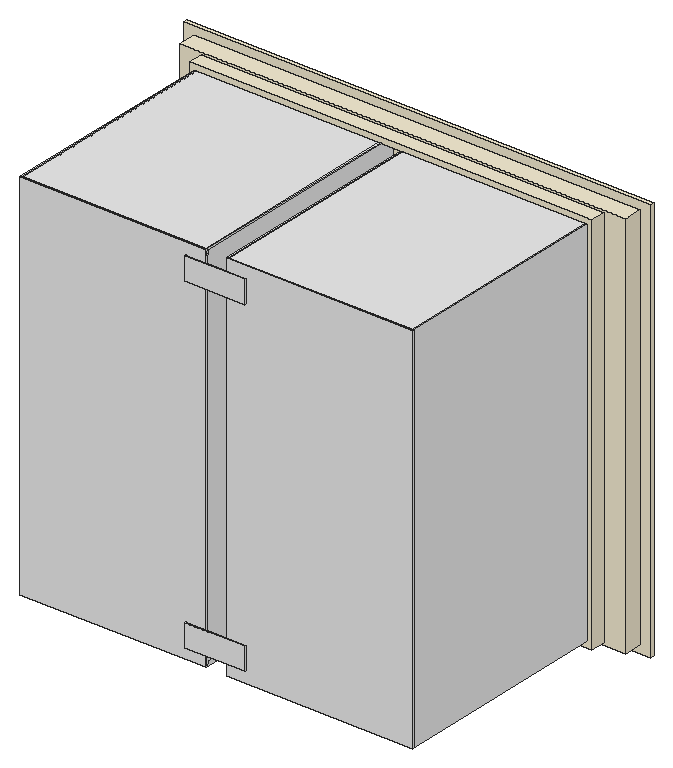
Revit family "Mailboxes_4C-Salsbury_Industries-Front_Load-7_Door_High_Units", category Specialty Equipment, host Wall, Revit 2016 (continued)
Definition of nested family "3700 Series 4C OM2 Configuration"
  Reference planes (in)
    plane 25 "Face of Mail Plate": y = -0.16602
    plane 26 "Top of Mail Drop Door": z = 6.73094
    plane 27 "Top of Mail Drop Divider": z = 7.00047
    plane 28 "Face of Mail Drop": y = -0.31995
    plane 29 "Top of Mail Slot": z = 6.42087
    plane 30 "Bottom of Mail Slot": z = 5.67087
    plane 31 "Left Edge of Mail Slot": x = -5.3755
    plane 32 "Right Edge of Mail Slot": x = 5.3755
    plane 33 "Mail Slot Bottom Protusion": z = 6.50987
    plane 34: y = -0.49395
    plane 35: z = 6.15637
    plane 36 "Front of Awning": y = -1.63495
    plane 37: y = -1.15685
    plane 38 "Mail Slot Slope": through (-240, -0.44582, 6.9722) normal (0, -0.5, 0.866)
    plane 39 "Access Lock Offset": y = 0.12695
  Forms (in)
    Extrusion 1, solid, material <- "Front Panel Material"
      sketch origin (0, 0, 0) x (1, 0, 0) y (0, 1, 0)
        loop
          line (-6.4355, 0.12695) -> (-6.6875, -0.05445) -> (-6.6875, -0.12695) -> (6.05625, -0.12695)
          arc (6.05625, -0.12695) -> (6.19558, -0.17661) -> (6.27209, -0.3032) r 0.22029
          arc (6.27209, -0.3032) -> (6.3553, -0.42132) -> (6.4925, -0.46664) r 0.23034
          arc (6.4925, -0.46664) -> (6.63039, -0.40952) -> (6.6875, -0.27164) r 0.195
          line (6.6875, -0.27164) -> (6.6875, 0.12695) -> (-6.4355, 0.12695)
      from 0 to 3.23047
    Extrusion 2, solid, material <- "Front Panel Material"
      sketch origin (0, 0, 3.50047) x (-1, 0, 0) y (0, -1, 0)
        loop
          line (6.6875, -0.12695) -> (6.6875, 0.46995) -> (-6.6875, 0.46995) -> (-6.6875, -0.12695) -> (6.6875, -0.12695)
      from -0.27 to 0
    Extrusion 3, void
      sketch origin (0, 0.12695, 0) x (0, 0, -1) y (-1, 0, 0)
        loop
          circle (-1.61523, 4.3275) r 0.4375
      from 0 to -0.25391
    Extrusion 4, solid, material <- "Lock Material", visible <- "Access Lock"
      sketch origin (0, 0.12695, 0) x (0, 0, -1) y (-1, 0, 0)
        loop
          circle (-1.61523, 4.3275) r 0.42913
      from 0 to -0.25391
    Extrusion 5, void, detail levels fine
      sketch origin (0, 0.12695, 3.4) x (-1, 0, 0) y (0, 0, 1)
        loop
          line (4.3568, -1.47517) -> (4.2982, -1.47517) -> (4.2982, -2.09436) -> (4.3568, -2.09436) -> (4.3568, -1.47517)
      from -0.12695 to -0.25391
    Blend 6, solid, material <- "Front Panel Material", detail levels medium+fine
      base sketch origin (0, -0.12695, 2.68123) x (-1, 0, 0) y (0, 0, 1)
        loop
          circle (5.7025, -0.40977) r 0.15665
      top sketch origin (0, -0.12695, 2.68123) x (-1, 0, 0) y (0, 0, 1)
        loop
          circle (5.7025, -0.40977) r 0.3125
      from -0.11328 to 0
    Blend 7, solid, material <- "Front Panel Material", detail levels medium+fine
      base sketch origin (1.3125, -0.12695, 2.68123) x (-1, 0, 0) y (0, 0, 1)
        loop
          circle (4.202, -0.40977) r 0.15665
      top sketch origin (1.3125, -0.12695, 2.68123) x (-1, 0, 0) y (0, 0, 1)
        loop
          circle (4.202, -0.40977) r 0.3125
      from -0.11328 to 0
    Blend 8, solid, material <- "Front Panel Material", detail levels medium+fine
      base sketch origin (0, -0.12695, 1.36923) x (-1, 0, 0) y (0, 0, 1)
        loop
          circle (5.7025, -0.40977) r 0.15665
      top sketch origin (0, -0.12695, 1.36923) x (-1, 0, 0) y (0, 0, 1)
        loop
          circle (5.7025, -0.40977) r 0.3125
      from -0.11328 to 0
    Blend 9, solid, material <- "Front Panel Material", detail levels medium+fine
      base sketch origin (1.3125, -0.12695, 1.36923) x (-1, 0, 0) y (0, 0, 1)
        loop
          circle (4.202, -0.40977) r 0.15665
      top sketch origin (1.3125, -0.12695, 1.36923) x (-1, 0, 0) y (0, 0, 1)
        loop
          circle (4.202, -0.40977) r 0.3125
      from -0.11328 to 0
    Blend 10, solid, material <- "Front Panel Material", detail levels medium+fine
      base sketch origin (9.8895, -0.12695, 2.68123) x (-1, 0, 0) y (0, 0, 1)
        loop
          circle (4.202, -0.40977) r 0.15665
      top sketch origin (9.8895, -0.12695, 2.68123) x (-1, 0, 0) y (0, 0, 1)
        loop
          circle (4.202, -0.40977) r 0.3125
      from -0.11328 to 0
    Blend 11, solid, material <- "Front Panel Material", detail levels medium+fine
      base sketch origin (9.8895, -0.12695, 1.36923) x (-1, 0, 0) y (0, 0, 1)
        loop
          circle (4.202, -0.40977) r 0.15665
      top sketch origin (9.8895, -0.12695, 1.36923) x (-1, 0, 0) y (0, 0, 1)
        loop
          circle (4.202, -0.40977) r 0.3125
      from -0.11328 to 0
    Extrusion 12, solid, material <- "Lock Material"
      sketch origin (0, -0.12695, 0) x (-1, 0, 0) y (0, 0, 1)
        loop
          line (1.96028, 2.61547) -> (-1.64128, 2.61547)
          arc (-1.64128, 2.61547) -> (-1.78215, 2.55712) -> (-1.8405, 2.41625) r 0.19922
          line (-1.8405, 2.41625) -> (-1.8405, 0.81469)
          arc (-1.8405, 0.81469) -> (-1.78215, 0.67382) -> (-1.64128, 0.61547) r 0.19922
          line (-1.64128, 0.61547) -> (1.96028, 0.61547)
          arc (1.96028, 0.61547) -> (2.10115, 0.67382) -> (2.1595, 0.81469) r 0.19922
          line (2.1595, 0.81469) -> (2.1595, 2.41625)
          arc (2.1595, 2.41625) -> (2.10115, 2.55712) -> (1.96028, 2.61547) r 0.19922
      from 0 to -0.03906
    Extrusion 13, solid, material <- "Front Panel Material"
      sketch origin (-2.13946, 0, 3.50047) x (-1, 0, 0) y (0, -1, 0)
        loop
          line (4.54804, -0.12695) -> (4.54804, 0.31995) -> (-8.82696, 0.31995) -> (-8.82696, -0.12695) -> (4.54804, -0.12695)
      from 0 to 3.0094
    Extrusion 14, void
      sketch origin (0, -0.31995, 0) x (0, 0, -1) y (-1, 0, 0)
        loop
          arc (-5.67087, 5.0005) -> (-6.04587, 5.3755) -> (-6.42087, 5.0005) r 0.375
          line (-6.42087, 5.0005) -> (-6.42087, -5.0005)
          arc (-6.42087, -5.0005) -> (-6.04587, -5.3755) -> (-5.67087, -5.0005) r 0.375
          line (-5.67087, -5.0005) -> (-5.67087, 5.0005)
      from 0 to 0.44691
    Extrusion 15, solid, material <- "Front Panel Material"
      sketch origin (0, 0, 0) x (0, 1, 0) y (0, 0, 1)
        loop
          line (0.12695, 6.50987) -> (0.12695, 7.00047) -> (-0.46995, 7.00047) -> (-0.75605, 6.83078) -> (-0.73973, 6.80251) -> (-1.27431, 6.49388) -> (-1.29063, 6.52214) -> (-1.61027, 6.3376)
          arc (-1.61027, 6.3376) -> (-1.63087, 6.31111) -> (-1.62714, 6.27777) r 0.04454
          line (-1.62714, 6.27777) -> (-1.5282, 6.17883)
          arc (-1.5282, 6.17883) -> (-1.4937, 6.16211) -> (-1.4558, 6.15637) r 0.12791
          line (-1.4558, 6.15637) -> (-1.10623, 6.15637) -> (-0.49395, 6.50987) -> (0.12695, 6.50987)
      from -6.6875 to 6.6875
  Cuts and joins
    Extrusion 3 cuts Extrusion 1
    Extrusion 5 cuts Extrusion 4
    Extrusion 14 cuts Extrusion 13
  Lines and regions (in)
    symbolic lines
      curve 1: circle (-5.7025, -0.12695, 2.27147) r 0.3125 normal (0, 1, 0)
      curve 2: circle (-5.7025, -0.12695, 0.95947) r 0.3125 normal (0, 1, 0)
      curve 3: circle (-2.8895, -0.12695, 0.95947) r 0.3125 normal (0, 1, 0)
      curve 4: circle (-2.8895, -0.12695, 2.27147) r 0.3125 normal (0, 1, 0)
      curve 5: circle (-4.3275, -0.12695, 1.61523) r 0.42913 normal (0, 1, 0)
      curve 6: circle (5.6875, -0.12695, 0.95947) r 0.3125 normal (0, 1, 0)
      curve 7: circle (5.6875, -0.12695, 2.27147) r 0.3125 normal (0, 1, 0)
      curve 8: arc (-2.1595, -0.12695, 2.41625) -> (-2.10115, -0.12695, 2.55712) -> (-1.96028, -0.12695, 2.61547) r 0.19922
      curve 9: arc (1.8405, -0.12695, 2.41625) -> (1.78215, -0.12695, 2.55712) -> (1.64128, -0.12695, 2.61547) r 0.19922
      curve 10: arc (1.8405, -0.12695, 0.81469) -> (1.78215, -0.12695, 0.67382) -> (1.64128, -0.12695, 0.61547) r 0.19922
      curve 11: arc (-1.96028, -0.12695, 0.61547) -> (-2.10115, -0.12695, 0.67382) -> (-2.1595, -0.12695, 0.81469) r 0.19922
      curve 12: line (-2.1595, -0.12695, 0.81469) -> (-2.1595, -0.12695, 2.41625)
      curve 13: line (-1.96028, -0.12695, 2.61547) -> (1.64128, -0.12695, 2.61547)
      curve 14: line (1.8405, -0.12695, 2.41625) -> (1.8405, -0.12695, 0.81469)
      curve 15: line (1.64128, -0.12695, 0.61547) -> (-1.96028, -0.12695, 0.61547)
  Dimensions and locks (in)
    equal spacing: plane 6 "Back Face of Door", plane 1 "Center (Front/Back)", plane 7 "Front Face of Door"
    "Door Depth": plane 6 "Back Face of Door" to plane 7 "Front Face of Door"
    equal spacing: plane 4 "Left Side Face of Door", plane 3 "Center (Left/Right)", plane 5 "Right Side Face of Door"
    "Door Width": plane 4 "Left Side Face of Door" to plane 5 "Right Side Face of Door"
    plane 8 to level = 3.23047"
    equal spacing: plane 8, plane 9, level
    locked: plane 7 "Front Face of Door" to plane 10 at 0.343
    "Center Lock-Vertical": plane 4 "Left Side Face of Door" to plane 11 "Center Lock Vertical"
    "Center Lock-Horizontal": plane 8 to plane 12 "Center Lock Horizontal"
    locked: plane 14 "Divider Height Align" to plane 8 at 0.27
    plane 4 "Left Side Face of Door" to plane 16 "Left Stud Align" to plane 17 "Right Stud Align" = 0.985", 2.813"
    plane 8 to plane 18 "Top Stud Align" to plane 19 "Bottom Stud Align" = 0.959", 1.312"
    plane 20 "Hinge Stud Align" to plane 5 "Right Side Face of Door" = 1.000"
    plane 8 to plane 21 "Mail Plate Top" to plane 22 "Mail Plate Bottom" = 0.615", 2.000"
    plane 4 "Left Side Face of Door" to plane 23 to plane 24 = 4.528", 4.000"
    plane 27 "Top of Mail Drop Divider" to plane 26 "Top of Mail Drop Door" to plane 14 "Divider Height Align" = 0.26953" locked, 3.23047"
    "Door Height": plane 27 "Top of Mail Drop Divider" to level
    plane 28 "Face of Mail Drop" to plane 10 = 0.150"
    locked: plane 27 "Top of Mail Drop Divider" to plane 29 "Top of Mail Slot" at 0.5796
    locked: plane 29 "Top of Mail Slot" to plane 30 "Bottom of Mail Slot" at 0.75
    locked: plane 4 "Left Side Face of Door" to plane 31 "Left Edge of Mail Slot" at 1.312
    locked: plane 32 "Right Edge of Mail Slot" to plane 5 "Right Side Face of Door" at 1.312
    locked: plane 33 "Mail Slot Bottom Protusion" to plane 29 "Top of Mail Slot" at 0.089
    plane 28 "Face of Mail Drop" to plane 34 = 0.174"
    plane 33 "Mail Slot Bottom Protusion" to plane 35 = 0.3535"
    plane 28 "Face of Mail Drop" to plane 36 "Front of Awning" = 1.315"
    plane 4 "Left Side Face of Door" to plane 5 "Right Side Face of Door" = 13.375"
    plane 6 "Back Face of Door" to plane 36 "Front of Awning" = 1.76191"
    "Access Lock Offset": plane 39 "Access Lock Offset" to plane 6 "Back Face of Door"
    aligned and locked: level to plane 2 "Bottom of Door"
    aligned and locked: plane 4 "Left Side Face of Door" to Extrusion 1
    aligned and locked: plane 6 "Back Face of Door" to Extrusion 1
    aligned and locked: plane 7 "Front Face of Door" to Extrusion 1
    aligned and locked: Extrusion 1 to level
    aligned and locked: plane 8 to Extrusion 1
    aligned and locked: Extrusion 2 sketch curve to plane 4 "Left Side Face of Door"
    aligned and locked: Extrusion 2 sketch curve to plane 6 "Back Face of Door"
    aligned and locked: plane 5 "Right Side Face of Door" to Extrusion 2 sketch curve
    aligned and locked: Extrusion 2 to plane 8
    aligned and locked: plane 10 to Extrusion 2 sketch curve
    aligned and locked: plane 14 "Divider Height Align" to Extrusion 2
    aligned and locked: plane 4 "Left Side Face of Door" to Extrusion 2
    aligned and locked: Extrusion 2 to plane 5 "Right Side Face of Door"
    aligned and locked: Extrusion 13 to plane 28 "Face of Mail Drop"
    aligned and locked: plane 29 "Top of Mail Slot" to Extrusion 14 sketch curve
    aligned and locked: cut or joined group of Extrusion 13, Extrusion 14 to cut or joined group of Extrusion 13, Extrusion 14
    aligned and locked: cut or joined group of Extrusion 1, Extrusion 3 to plane 2 "Bottom of Door"
  Automatic sketch dimensions
    Extrusion 1 sketch curve to plane 4 "Left Side Face of Door" = 0.000"
    Extrusion 1 sketch curve to plane 6 "Back Face of Door" = 0.000"
    Extrusion 1 sketch curve to plane 7 "Front Face of Door" = 0.000"
    Extrusion 1 sketch curve to plane 5 "Right Side Face of Door" = 0.000"
    Extrusion 1 sketch curve to plane 4 "Left Side Face of Door" = 0.252"
    Extrusion 1 sketch curve to plane 20 "Hinge Stud Align" = 0.36875"
    Extrusion 1 sketch curve to plane 25 "Face of Mail Plate" = 0.07029"
    plane 5 "Right Side Face of Door" to Extrusion 1 sketch curve = 0.195"
    Extrusion 1 sketch curve to plane 25 "Face of Mail Plate" = 0.10562"
    Extrusion 1 sketch curve to plane 13 "Face of Lock" = 0.07658"
    plane 1 "Center (Front/Back)" to Extrusion 1 sketch curve = 0.05445"
    Extrusion 1 sketch curve to plane 13 "Face of Lock" = 0.12063"
    Extrusion 5 sketch curve to plane 11 "Center Lock Vertical" = 0.0293"
    plane 11 "Center Lock Vertical" to Extrusion 5 sketch curve = 0.0293"
    Extrusion 5 sketch curve to plane 9 = 0.30959"
    plane 9 to Extrusion 5 sketch curve = 0.30959"
    plane 16 "Left Stud Align" to Blend 6 sketch curve = 0.000"  (x2)
    Blend 6 sketch curve to plane 18 "Top Stud Align" = 0.000"  (x2)
    plane 17 "Right Stud Align" to Blend 7 sketch curve = 0.000"  (x2)
    Blend 7 sketch curve to plane 18 "Top Stud Align" = 0.000"  (x2)
    plane 16 "Left Stud Align" to Blend 8 sketch curve = 0.000"  (x2)
    Blend 8 sketch curve to plane 19 "Bottom Stud Align" = 0.000"  (x2)
    plane 17 "Right Stud Align" to Blend 9 sketch curve = 0.000"  (x2)
    Blend 9 sketch curve to plane 19 "Bottom Stud Align" = 0.000"  (x2)
    Blend 10 sketch curve to plane 18 "Top Stud Align" = 0.000"  (x2)
    plane 20 "Hinge Stud Align" to Blend 10 sketch curve = 0.000"  (x2)
    Blend 11 sketch curve to plane 19 "Bottom Stud Align" = 0.000"  (x2)
    plane 20 "Hinge Stud Align" to Blend 11 sketch curve = 0.000"  (x2)
    plane 24 to Extrusion 12 sketch curve = 0.000"
    Extrusion 12 sketch curve to plane 22 "Mail Plate Bottom" = 0.000"
    Extrusion 12 sketch curve to plane 21 "Mail Plate Top" = 0.000"
    plane 23 to Extrusion 12 sketch curve = 0.000"
    plane 24 to Extrusion 12 sketch curve = 0.19922"  (x2)
    plane 18 "Top Stud Align" to Extrusion 12 sketch curve = 0.14478"
    Extrusion 12 sketch curve to plane 23 = 0.19922"
    Extrusion 13 sketch curve to plane 5 "Right Side Face of Door" = 0.000"
    Extrusion 13 sketch curve to plane 4 "Left Side Face of Door" = 0.000"
    Extrusion 13 sketch curve to plane 6 "Back Face of Door" = 0.000"
    Extrusion 13 sketch curve to plane 7 "Front Face of Door" = 0.193"
    Extrusion 14 sketch curve to plane 30 "Bottom of Mail Slot" = 0.000"
    plane 32 "Right Edge of Mail Slot" to Extrusion 14 sketch curve = 0.375"
    Extrusion 14 sketch curve to plane 31 "Left Edge of Mail Slot" = 0.375"
    Extrusion 15 sketch curve to plane 35 = 0.000"
    Extrusion 15 sketch curve to plane 33 "Mail Slot Bottom Protusion" = 0.000"
    Extrusion 15 sketch curve to plane 34 = 0.000"
    Extrusion 15 sketch curve to plane 27 "Top of Mail Drop Divider" = 0.000"
    Extrusion 15 sketch curve to plane 6 "Back Face of Door" = 0.000"
    plane 26 "Top of Mail Drop Door" to Extrusion 15 sketch curve = 0.07158"
    Extrusion 15 sketch curve to plane 34 = 0.24578"
    plane 26 "Top of Mail Drop Door" to Extrusion 15 sketch curve = 0.09984"
    Extrusion 15 sketch curve to Extrusion 15 sketch curve = 0.01632"
    plane 37 to Extrusion 15 sketch curve = 0.05062"
    Extrusion 15 sketch curve to plane 33 "Mail Slot Bottom Protusion" = 0.01599"
    plane 33 "Mail Slot Bottom Protusion" to Extrusion 15 sketch curve = 0.01227"
    plane 36 "Front of Awning" to Extrusion 15 sketch curve = 0.17915"
    plane 35 to Extrusion 15 sketch curve = 0.02246"
    Extrusion 15 sketch curve to Extrusion 15 sketch curve = 0.0724"
    plane 36 "Front of Awning" to Extrusion 15 sketch curve = 0.04696"
    plane 36 "Front of Awning" to Extrusion 15 sketch curve = 0.02469"
    plane 36 "Front of Awning" to Extrusion 15 sketch curve = 0.00781"
    Extrusion 15 sketch curve to Extrusion 15 sketch curve = 0.05983"
    Extrusion 4 sketch curve to plane 9 = 0.000"
    plane 11 "Center Lock Vertical" to Extrusion 4 sketch curve = 0.000"
    Extrusion 3 sketch curve to plane 9 = 0.000"
    plane 11 "Center Lock Vertical" to Extrusion 3 sketch curve = 0.000"
    curve 6 to plane 19 "Bottom Stud Align" = 0.000"
    plane 20 "Hinge Stud Align" to curve 6 = 0.000"
    curve 7 to plane 18 "Top Stud Align" = 0.000"
    plane 20 "Hinge Stud Align" to curve 7 = 0.000"
    plane 24 to curve 14 = 0.000"
    curve 9 to plane 21 "Mail Plate Top" = 0.000"
    curve 11 to plane 22 "Mail Plate Bottom" = 0.000"
    plane 23 to curve 12 = 0.000"
    plane 17 "Right Stud Align" to curve 4 = 0.000"
    plane 17 "Right Stud Align" to curve 3 = 0.000"
    curve 5 to plane 9 = 0.000"
    plane 11 "Center Lock Vertical" to curve 5 = 0.000"
    plane 16 "Left Stud Align" to curve 1 = 0.000"
    plane 16 "Left Stud Align" to curve 2 = 0.000"
    curve 2 to plane 19 "Bottom Stud Align" = 0.000"
    curve 3 to plane 19 "Bottom Stud Align" = 0.000"
    curve 1 to plane 18 "Top Stud Align" = 0.000"
    curve 4 to plane 18 "Top Stud Align" = 0.000"
    plane 18 "Top Stud Align" to curve 9 = 0.14478"
    curve 10 to plane 19 "Bottom Stud Align" = 0.14478"
    plane 18 "Top Stud Align" to curve 8 = 0.14478"
    curve 11 to plane 19 "Bottom Stud Align" = 0.14478"
    radius of Blend 6 sketch curve = 0.15665"
    radius of Blend 6 sketch curve = 0.3125"
    radius of Blend 7 sketch curve = 0.15665"
    radius of Blend 7 sketch curve = 0.3125"
    radius of Blend 8 sketch curve = 0.15665"
    radius of Blend 8 sketch curve = 0.3125"
    radius of Blend 9 sketch curve = 0.15665"
    radius of Blend 9 sketch curve = 0.3125"
    radius of Blend 10 sketch curve = 0.15665"
    radius of Blend 10 sketch curve = 0.3125"
    radius of Blend 11 sketch curve = 0.15665"
    radius of Blend 11 sketch curve = 0.3125"
    radius of Extrusion 4 sketch curve = 0.42913"
    radius of Extrusion 3 sketch curve = 0.4375"
    radius of curve 1 = 0.3125"
    radius of curve 2 = 0.3125"
    radius of curve 3 = 0.3125"
    radius of curve 4 = 0.3125"
    radius of curve 5 = 0.42913"
    radius of curve 6 = 0.3125"
    radius of curve 7 = 0.3125"
Types (7): name | Width | Vertical Center Divider | Type Comments | Top Back Plate | Right Inside Wall | Model | Left Inside Wall | Door Slot R7 Number | Door Slot R7 | Door Slot R6 Number | Door Slot R6 | Door Slot R5 Number | Door Slot R5 | Door Slot R4 | Door Slot R2 Number | Door Slot R2 | Door Slot R1 Number | Door Slot R1 | Door Slot L7 Number | Door Slot L7 | Door Slot L6 Number | Door Slot L6 | Door Slot L5 Number | Door Slot L5 | Door Slot L4 Number | Door Slot L4 | Door Slot L3 Number | Door Slot L3 | Door Slot L2 Number | Door Slot L2 | Door Slot L1 Number | Door Slot L1 | Description | Center Extrusion Offset | Bottom Back Plate | Above Finished Floor (AFF-Bottom of Unit) | Above Finished Floor (AFF-Bottom Shelf)
  3707S-1B FL | 16.344" | no | "4C Horizontal Receptacle Bin - Front Loading" | no | no | "3707S-1B FL" | no | "0" | 4C-7 Door High Receptacle : 4C-7 Door High Receptacle | "0" | 3700 Series 4C Door Configurations : Empty | "0" | 3700 Series 4C Door Configurations : Empty | 3700 Series 4C Door Configurations : Empty | "0" | 3700 Series 4C Door Configurations : Empty | "0" | 3700 Series 4C Door Configurations : Empty | "0" | 3700 Series 4C Door Configurations : Empty | "0" | 3700 Series 4C Door Configurations : Empty | "0" | 3700 Series 4C Door Configurations : Empty | "0" | 3700 Series 4C Door Configurations : Empty | "0" | 3700 Series 4C Door Configurations : Empty | "0" | 3700 Series 4C Door Configurations : Empty | "0" | 3700 Series 4C Door Configurations : Empty | "7 Door High Unit" | 48.000" | no | 13.683" | 15.000"
  3707D-12 FL | 31.09766" | yes | "4C Standard Horizontal Mailbox - Front Loading" | yes | yes | "3707D-12 FL" | yes | "12" | 3700 Series 4C Door Configurations : MB1 Door w/ Divider | "11" | 3700 Series 4C Door Configurations : MB1 Door w/ Divider | "10" | 3700 Series 4C Door Configurations : MB1 Door w/ Divider | 3700 Series 4C OM2 Configuration : OM2-FL | "9" | 3700 Series 4C Door Configurations : MB1 Door w/ Divider | "8" | 3700 Series 4C Door Configurations : MB1 Door | "7" | 3700 Series 4C Door Configurations : MB1 Door w/ Divider | "6" | 3700 Series 4C Door Configurations : MB1 Door w/ Divider | "5" | 3700 Series 4C Door Configurations : MB1 Door w/ Divider | "4" | 3700 Series 4C Door Configurations : MB1 Door w/ Divider | "3" | 3700 Series 4C Door Configurations : MB1 Door w/ Divider | "2" | 3700 Series 4C Door Configurations : MB1 Door w/ Divider | "1" | 3700 Series 4C Door Configurations : MB1 Door | "7 Door High Unit:  12 MB1, OM2" | 0.000" | yes | 26.683" | 28.000"
  3707S-05 FL | 16.344" | yes | "4C Standard Horizontal Mailbox - Front Loading" | yes | yes | "3707S-05 FL" | yes | "5" | 3700 Series 4C Door Configurations : MB1 Door w/ Divider | "4" | 3700 Series 4C Door Configurations : MB1 Door w/ Divider | "3" | 3700 Series 4C Door Configurations : MB1 Door w/ Divider | 3700 Series 4C OM2 Configuration : OM2-FL | "2" | 3700 Series 4C Door Configurations : MB1 Door w/ Divider | "1" | 3700 Series 4C Door Configurations : MB1 Door | "0" | 3700 Series 4C Door Configurations : Empty | "0" | 3700 Series 4C Door Configurations : Empty | "0" | 3700 Series 4C Door Configurations : Empty | "0" | 3700 Series 4C Door Configurations : Empty | "0" | 3700 Series 4C Door Configurations : Empty | "0" | 3700 Series 4C Door Configurations : Empty | "0" | 3700 Series 4C Door Configurations : Empty | "7 Door High Unit:  5 MB1, OM2" | 0.000" | yes | 26.683" | 28.000"
  3707D-06 FL | 31.09766" | yes | "4C Standard Horizontal Mailbox - Front Loading" | yes | yes | "3707D-06 FL" | yes | "6" | 3700 Series 4C Door Configurations : MB1 Door w/ Divider | "5" | 3700 Series 4C Door Configurations : MB1 Door w/ Divider | "4" | 3700 Series 4C Door Configurations : MB1 Door w/ Divider | 3700 Series 4C OM2 Configuration : OM2-FL | "3" | 3700 Series 4C Door Configurations : MB1 Door w/ Divider | "2" | 3700 Series 4C Door Configurations : MB1 Door | "1P" | 3700 Series 4C Parcel Configurations : PL6 w/ Divider | "0" | 3700 Series 4C Door Configurations : Empty | "0" | 3700 Series 4C Door Configurations : Empty | "0" | 3700 Series 4C Door Configurations : Empty | "0" | 3700 Series 4C Door Configurations : Empty | "0" | 3700 Series 4C Door Configurations : Empty | "1" | 3700 Series 4C Door Configurations : MB1 Door | "7 Door High Unit:  6 MB1, 1 PL6, OM2" | 0.000" | yes | 26.683" | 28.000"
  3707D-05 FL | 31.09766" | yes | "4C Standard Horizontal Mailbox - Front Loading" | yes | yes | "3707D-05 FL" | yes | "5" | 3700 Series 4C Door Configurations : MB3 Door w/ Divider | "0" | 3700 Series 4C Door Configurations : Empty | "0" | 3700 Series 4C Door Configurations : Empty | 3700 Series 4C OM2 Configuration : OM2-FL | "4" | 3700 Series 4C Door Configurations : MB2 Door | "0" | 3700 Series 4C Door Configurations : Empty | "3" | 3700 Series 4C Door Configurations : MB3 Door w/ Divider | "0" | 3700 Series 4C Door Configurations : Empty | "0" | 3700 Series 4C Door Configurations : Empty | "2" | 3700 Series 4C Door Configurations : MB2 Door w/ Divider | "0" | 3700 Series 4C Door Configurations : Empty | "1" | 3700 Series 4C Door Configurations : MB2 Door | "0" | 3700 Series 4C Door Configurations : Empty | "7 Door High Unit:  3 MB2, 2 MB3, OM2" | 0.000" | yes | 26.683" | 28.000"
  3707D-03 FL | 31.09766" | yes | "4C Standard Horizontal Mailbox - Front Loading" | yes | yes | "3707D-03 FL" | yes | "3" | 3700 Series 4C Door Configurations : MB3 Door w/ Divider | "0" | 3700 Series 4C Door Configurations : Empty | "0" | 3700 Series 4C Door Configurations : Empty | 3700 Series 4C OM2 Configuration : OM2-FL | "2" | 3700 Series 4C Door Configurations : MB2 Door | "0" | 3700 Series 4C Door Configurations : Empty | "1P" | 3700 Series 4C Parcel Configurations : PL5 w/ Divider | "0" | 3700 Series 4C Door Configurations : Empty | "0" | 3700 Series 4C Door Configurations : Empty | "0" | 3700 Series 4C Door Configurations : Empty | "0" | 3700 Series 4C Door Configurations : Empty | "1" | 3700 Series 4C Door Configurations : MB2 Door | "0" | 3700 Series 4C Door Configurations : Empty | "7 Door High Unit:  2 MB2, 1 MB3, 1 PL5, OM2" | 0.000" | yes | 26.683" | 28.000"
  3707S-1P FL | 16.344" | yes | "4C Standard Horizontal Mailbox - Front Loading" | yes | yes | "3707S-1P FL" | yes | "1P" | 3700 Series 4C Parcel Configurations : PL5 w/ Divider | "0" | 3700 Series 4C Door Configurations : Empty | "0" | 3700 Series 4C Door Configurations : Empty | 3700 Series 4C Door Configurations : Empty | "0" | 3700 Series 4C OM2 Configuration : OM2-FL | "1" | 3700 Series 4C Door Configurations : Empty | "0" | 3700 Series 4C Door Configurations : Empty | "0" | 3700 Series 4C Door Configurations : Empty | "0" | 3700 Series 4C Door Configurations : Empty | "0" | 3700 Series 4C Door Configurations : Empty | "0" | 3700 Series 4C Door Configurations : Empty | "0" | 3700 Series 4C Door Configurations : Empty | "0" | 3700 Series 4C Door Configurations : Empty | "7 Door High Unit:  1 PL5, OM2" | 0.000" | yes | 13.683" | 15.000"
